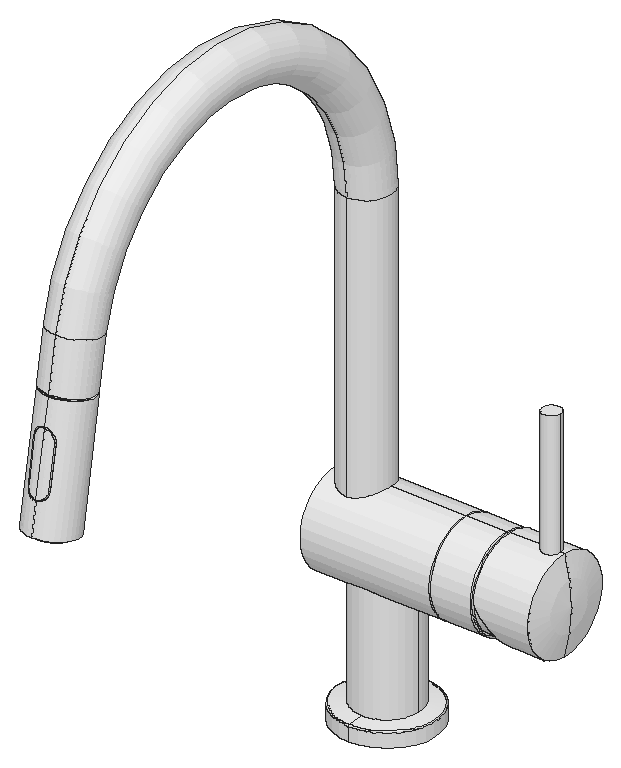
Revit family "Faucet-Kitchen-Grohe-Minta_Touch-31359_Series", category Plumbing Fixtures, Revit 2014
Parameters (values of type "31359002")
  cUPC Compliant = yes
  Width = 1 5/16"  # constant formula
  Waste Connection = no
  Warranty Documentation Link = "https://cdn.cloud.grohe.com/tpi/1000/1900/1940/1949/1949006/original/1949006.pdf"
  WFU = 0  # constant formula
  Vent Connection = no
  URL = "http://www.grohe.com/ca-en/"
  Product Page URL = "https://www.grohe.us/en_us/grohe-minta-touch-touch-single-handle-kitchen-faucet-31359002.html"
  Price = "Prices may vary. Please consult Manufacturer Representative for most up-to-date price list."  # constant formula
  Model = "31359002"
  Material = "Metal-Grohe-002-Stralight Chrome"
  Manufacturer = "Grohe"  # constant formula
  Length = 8 3/4"  # constant formula
  Lenght Of handle = 5 3/8"  # constant formula
  Installation Type = "Deck-Mounted"  # constant formula
  Hot Water Connection Diameter = 3/8"  # constant formula
  Height = 15 1/8"  # constant formula
  HWFU = 1.5  # constant formula
  HW Connection = yes
  Flow Rate = "1.75 gpm (6.6 L/min)"  # constant formula
  Finish = Metal-Grohe-002-Stralight Chrome
  Description = "MINTA TOUCH Touch Single-Handle Kitchen Faucet Stralight Chrome"
  Default Elevation = 0"
  Creation Date = "2/25/2019"  # constant formula
  Cold Water Connection Diameter = 3/8"  # constant formula
  CalGreen Compliant = yes
  CWFU = 1.5  # constant formula
  CW Connection = yes
  Bottom of sink to water flowout = 7 7/16"  # constant formula
  Assembly Code = "D2020300"
  ADA Compliant = yes
Types (3): name | Product Page URL | Model | Material | Finish | Description
  (no name) | "https://www.grohe.us/en_us/grohe-minta-touch-touch-single-handle-kitchen-faucet-31359002.html" | "31359002" | "Metal-Grohe-002-Stralight Chrome" | Metal-Grohe-002-Stralight Chrome | "MINTA TOUCH Touch Single-Handle Kitchen Faucet Stralight Chrome"
  31359002 | "https://www.grohe.us/en_us/grohe-minta-touch-touch-single-handle-kitchen-faucet-31359002.html" | "31359002" | "Metal-Grohe-002-Stralight Chrome" | Metal-Grohe-002-Stralight Chrome | "MINTA TOUCH Touch Single-Handle Kitchen Faucet Stralight Chrome"
  31359DC2 | "https://www.grohe.us/en_us/grohe-minta-touch-touch-single-handle-kitchen-faucet-31359DC2.html" | "31359DC2" | "Metal-Grohe-DC2-SuperSteel InfinityFinish" | Metal-Grohe-DC2-SuperSteel InfinityFinish | "MINTA TOUCH Touch Single-Handle Kitchen Faucet SuperSteel InfinityFinish"
Reference planes (in)
  plane 1 "Center (Front/Back)": y = 0
  plane 2: z = 0
  plane 3 "Center (Left/Right)": x = 0
  plane 4: y = 0.65625
  plane 5: y = -0.65625
  plane 6: y = 0.70866
  plane 7: y = -0.70866
  plane 8: y = 0.55118
  plane 9: y = -0.55118
  plane 10: x = -0.25
  plane 11: y = -8.75
  plane 12: z = 15.125
  plane 13: z = 7.4375
  plane 14 "Flowout center": through (0, -8.56366, 8.66968) normal (0, -0.9848, 0.1736)
  plane 15: x = -1.25
  plane 16: x = 4.125
Forms (in)
  Revolve 1, solid, material "Metal-Grohe-002-Stralight Chrome" <- "Finish"
    sketch origin (0, 0, 0) x (0, 1, 0) y (0, 0, 1)
      loop
        line (0, 0.37402) -> (0, 0) -> (1.06299, 0) -> (1.06299, 0.30618)
        arc (1.06299, 0.30618) -> (1.05723, 0.32199) -> (1.04266, 0.33037) r 0.02455
        arc (1.04266, 0.33037) -> (0.87613, 0.35577) -> (0.70866, 0.37402) r 3.93701
        line (0.70866, 0.37402) -> (0, 0.37402)
      axis (0, 0.37402) -> (0, 0)
    angle from 0 to 360
  Extrusion 2, solid, material "Metal-Grohe-002-Stralight Chrome" <- "Finish"
    sketch origin (0, 0, 0) x (1, 0, 0) y (0, 1, 0)
      loop
        circle (0, 0) r 0.70866
    from 0 to 3.83661
  Sweep 3, solid, material "Metal-Grohe-002-Stralight Chrome" <- "Finish"
    path origin (0, 0, 0) x (0, 1, 0) y (0, 0, 1)
      loop
        line (0, 3) -> (0, 10.50533)
        arc (0, 10.50533) -> (-3.73743, 14.58402) -> (-8.12634, 11.21629) r 4.09427
        line (-8.12634, 11.21629) -> (-8.78878, 7.45941)
    profile origin (0, 0, 6.75266) x (0, -1, 0) y (1, 0, 0)
      loop
        circle (0, -0.46875) r 0.55118
  Revolve 4, solid, material "Metal-Grohe-002-Stralight Chrome" <- "Finish"
    sketch origin (0, 0, 0) x (1, 0, 0) y (0, 0, 1)
      loop
        arc (-1.24991, 3.66171) -> (-1.21832, 3.14946) -> (-1.12036, 2.64567) r 3.93701
        line (-1.12036, 2.64567) -> (1.75436, 2.64567) -> (1.75436, 2.68) -> (1.7874, 2.68) -> (1.7874, 2.64584) -> (2.66508, 2.6535)
        arc (2.66508, 2.6535) -> (2.6792, 2.65946) -> (2.68504, 2.67363) r 0.02013
        line (2.68504, 2.67363) -> (2.68504, 2.71449)
        arc (2.68504, 2.71449) -> (2.97373, 2.83844) -> (3.20866, 3.04704) r 0.98425
        line (3.20866, 3.04704) -> (3.20866, 3.66171) -> (-1.24991, 3.66171)
      axis (-1.24991, 3.66171) -> (3.20866, 3.66171)
    angle from 0 to 360
  Extrusion 5, void
    sketch origin (-0.01563, 0, 0) x (1, 0, 0) y (0, 0, 1)
      loop
        line (2.76851, 3.7185) -> (2.76851, 2.54317) -> (3.44709, 2.54317) -> (2.76851, 3.7185)
    from -1.26228 to 1.24003
  Extrusion 6, solid, material "Metal-Grohe-002-Stralight Chrome" <- "Finish"
    sketch origin (-0.01563, 0, 0) x (1, 0, 0) y (0, 1, 0)
      loop
        circle (3.68905, 0) r 0.19669
    from 4.15565 to 7.44844
  Revolve 7, solid, material "Metal-Grohe-002-Stralight Chrome" <- "Finish"
    sketch origin (-0.01563, 0, 0) x (1, 0, 0) y (0, 0, 1)
      loop
        line (3.9862, 4.69275) -> (2.76851, 4.69275) -> (2.76851, 3.66395) -> (4.13856, 3.66395)
        arc (4.13856, 3.66395) -> (4.0965, 4.1834) -> (3.9862, 4.69275) r 3.93701
      axis (4.13856, 3.66395) -> (2.76851, 3.66395)
    angle from 0 to 360
  Extrusion 8, solid, material "Metal-Grohe-002-Stralight Chrome" <- "Finish"
    sketch origin (0, 0, 0) x (1, 0, 0) y (0, 1, 0)
      loop
        circle (-0.34726, 0) r 0.1875
      loop
        circle (0.34726, 0) r 0.1875
    from 0 to 0.80614
  Extrusion 9, void
    sketch origin (-0.21875, -10.20744, -0.60148) x (1, 0, 0) y (0, 0.984808, -0.173648)
      loop
        circle (-0.25, 0) r 0.62613
      loop
        circle (-0.25, 0) r 0.5
    from 10.83694 to 10.88418
  Revolve 10, solid, material "Metal-Grohe-002-Stralight Chrome" <- "Finish"
    sketch origin (-0.46417, -0.03906, 0.01562) x (0, 1, 0) y (0, 0, 1)
      loop
        line (-8.73983, 7.48792) -> (-8.76019, 7.37242) -> (-8.41227, 7.31108)
        arc (-8.41227, 7.31108) -> (-8.36103, 7.31104) -> (-8.3218, 7.34401) r 0.07477
        line (-8.3218, 7.34401) -> (-8.30979, 7.4121) -> (-8.73983, 7.48792)
      axis (-8.73983, 7.48792) -> (-8.76019, 7.37242)
    angle from 0 to 360
  Extrusion 11, void
    sketch origin (-0.46875, -9.78803, 1.72589) x (0, 0.173648, 0.984808) y (-1, 0, 0)
      loop
        arc (7.65648, -0.25) -> (7.90648, 0) -> (7.65648, 0.25) r 0.25
        line (7.65648, 0.25) -> (6.74895, 0.25)
        arc (6.74895, 0.25) -> (6.49895, 0) -> (6.74895, -0.25) r 0.25
        line (6.74895, -0.25) -> (7.65648, -0.25)
      loop
        arc (7.65648, -0.21875) -> (7.87523, 0) -> (7.65648, 0.21875) r 0.21875
        line (7.65648, 0.21875) -> (6.74895, 0.21875)
        arc (6.74895, 0.21875) -> (6.5302, 0) -> (6.74895, -0.21875) r 0.21875
        line (6.74895, -0.21875) -> (7.65648, -0.21875)
    from 0.48933 to 0.5892
Cuts and joins
  Extrusion 5 cuts Revolve 1
  Extrusion 5 cuts Extrusion 2
  Extrusion 5, Extrusion 9, Extrusion 11 cuts Sweep 3
  Extrusion 5 cuts Revolve 7
  joined: Revolve 1, Extrusion 2, Sweep 3, Revolve 4, Extrusion 6, Revolve 7, Extrusion 8
Lines and regions (in)
  Masking region 1
    outline origin (0, 0, 0) x (1, 0, 0) y (0, 1, 0)
      loop
        arc (-1.11679, 1.01605) -> (-1.25822, 0) -> (-1.11679, -1.01605) r 3.72039
        line (-1.11679, -1.01605) -> (-1.02294, -1.01605) -> (-1.02294, -8.7742)
        arc (-1.02294, -8.7742) -> (-0.47176, -9.32538) -> (0.07943, -8.7742) r 0.55119
        line (0.07943, -8.7742) -> (0.07943, -1.01605) -> (1.75436, -1.01605) -> (1.75436, -0.98171) -> (1.7874, -0.98171) -> (1.7874, -1.01587) -> (2.68618, -1.01587) -> (2.68618, -0.95078) -> (2.75289, -0.92629) -> (2.75289, -1.02884) -> (3.97081, -1.02884)
        arc (3.97081, -1.02884) -> (4.11751, -0.00007) -> (3.9716, 1.02882) r 3.69061
        line (3.9716, 1.02882) -> (2.75289, 1.02882) -> (2.75289, 0.92629) -> (2.68618, 0.95078) -> (2.68618, 1.01587) -> (1.7874, 1.01587) -> (1.7874, 0.98171) -> (1.75436, 0.98171) -> (1.75436, 1.01605) -> (-1.11679, 1.01605)
  symbolic lines, detail levels medium+fine
    curve 1: line (-1.02294, -1.01605, 0) -> (-1.02294, 0, 0)
    curve 2: line (0.07943, -1.01605, 0) -> (0.07943, 0, 0)
    curve 3: arc (0.07943, 0, 0) -> (-0.47176, 0.55119, 0) -> (-1.02294, 0, 0) r 0.55119
    curve 4: circle (3.67343, 0, 0) r 0.19669 normal (0, 0, 1)
    curve 8: line (2.75289, 0.92629, 0) -> (2.75289, -0.92589, 0)
  symbolic lines, detail levels fine
    curve 5: line (1.75436, 0.98171, 0) -> (1.75436, -0.98171, 0)
    curve 6: line (1.7874, 0.98171, 0) -> (1.7874, -0.98171, 0)
    curve 7: line (2.68618, -0.95078, 0) -> (2.68618, 0.95078, 0)
    curve 9: line (3.97057, -1.02879, 0) -> (3.97057, 1.02879, 0)
    curve 10: line (-1.11679, -1.01605, 0) -> (-1.11679, 1.01605, 0)
    curve 11: arc (-1.01993, -8.31839, 0) -> (-0.46875, -8.86958, 0) -> (0.08244, -8.31839, 0) r 0.55119
    curve 12: line (-0.6875, -8.9681, 0) -> (-0.6875, -9.12569, 0)
    curve 13: line (-0.6875, -9.12569, 0) -> (-0.46875, -9.20826, 0)
    curve 14: line (-0.46875, -8.97469, 0) -> (-0.6875, -8.9681, 0)
    curve 15: line (-0.25, -8.9681, 0) -> (-0.25, -9.12569, 0)
    curve 16: line (-0.25, -9.12569, 0) -> (-0.46875, -9.20826, 0)
    curve 17: line (-0.46875, -8.97469, 0) -> (-0.25, -8.9681, 0)
    curve 18: line (-0.71875, -8.95363, 0) -> (-0.46875, -8.96927, 0)
    curve 19: line (-0.46875, -8.96927, 0) -> (-0.21875, -8.95363, 0)
    curve 20: line (-0.46875, -9.21368, 0) -> (-0.71875, -9.11123, 0)
    curve 21: line (-0.21875, -9.11122, 0) -> (-0.46875, -9.21368, 0)
    curve 22: line (-0.21875, -8.95363, 0) -> (-0.21875, -9.11122, 0)
    curve 23: line (-0.71875, -8.95363, 0) -> (-0.71875, -9.11123, 0)
Dimensions and locks (in)
  equal spacing: plane 4, plane 1 "Center (Front/Back)", plane 5
  "Width": plane 4 to plane 5
  "Length": plane 1 "Center (Front/Back)" to plane 11
  "Height": plane 12 to level
  "Bottom of sink to water flowout": plane 13 to level
  locked: plane 3 "Center (Left/Right)" to plane 15 at 1.25
  "Lenght Of handle": plane 16 to plane 15
  "Hot Water Connection Diameter": diameter of Extrusion 8 sketch curve
  "Cold Water Connection Diameter": diameter of Extrusion 8 sketch curve
  locked: plane 11 to plane 14 "Flowout center" (angle 10.00°)
  aligned and locked: curve 8 to cut or joined group of Revolve 1, Extrusion 2, Sweep 3, Revolve 4, Extrusion 5, Extrusion 6, Revolve 7, Extrusion 8, Extrusion 9, Extrusion 11
Automatic sketch dimensions
  Revolve 1 sketch curve to plane 1 "Center (Front/Back)" = 0"  (x2)
  Revolve 1 sketch curve to plane 6 = 0"
  Revolve 1 sketch curve to level = 0"
  Revolve 1 sketch curve to plane 8 = 0.18515"
  Revolve 1 sketch curve to plane 6 = 0.32978"
  Revolve 1 sketch curve to Revolve 1 sketch curve = 0.02455"
  Revolve 1 sketch curve to level = 3.54805"
  level to Revolve 1 sketch curve = 0.30618"
  level to Revolve 1 sketch curve = 0.37402"
  Revolve 1 sketch curve to Revolve 1 sketch curve = 0.28195"
  Revolve 1 sketch curve to Revolve 1 sketch curve = 0.07048"
  plane 1 "Center (Front/Back)" to Extrusion 2 sketch curve = 0"
  Extrusion 2 sketch curve to plane 3 "Center (Left/Right)" = 0"
  Sweep 3 sketch curve to profile plane = 0"
  Sweep 3 sketch curve to plane 3 "Center (Left/Right)" = 15/32"
  plane 3 "Center (Left/Right)" to Extrusion 5 sketch curve = 2.75289"
  Extrusion 5 sketch curve to Extrusion 5 sketch curve = 0.67858"
  level to Extrusion 5 sketch curve = 2.54317"
  Extrusion 5 sketch curve to Extrusion 5 sketch curve = 1.17533"
  plane 1 "Center (Front/Back)" to Extrusion 6 sketch curve = 0"
  plane 3 "Center (Left/Right)" to Extrusion 6 sketch curve = 3.67343"
  plane 3 "Center (Left/Right)" to Revolve 7 sketch curve = 0.18635"
  plane 3 "Center (Left/Right)" to Revolve 7 sketch curve = 2.75289"
  Revolve 7 sketch curve to Revolve 7 sketch curve = 1.21769"
  Revolve 7 sketch curve to Revolve 7 sketch curve = 0.15237"
  level to Revolve 7 sketch curve = 3.60661"
  Revolve 7 sketch curve to Revolve 7 sketch curve = 0.05734"
  Revolve 7 sketch curve to Revolve 7 sketch curve = 0.3676"
  Revolve 7 sketch curve to Revolve 7 sketch curve = 0.1324"
  Revolve 7 sketch curve to Revolve 7 sketch curve = 0"
  plane 1 "Center (Front/Back)" to Extrusion 8 sketch curve = 0"  (x2)
  plane 10 to Extrusion 8 sketch curve = 0.09727"
  plane 3 "Center (Left/Right)" to Extrusion 8 sketch curve = 0.34726"
  Extrusion 9 sketch curve to Extrusion 9 sketch curve = 0"  (x2)
  plane 10 to Extrusion 9 sketch curve = 7/32"
  plane 14 "Flowout center" to Extrusion 9 sketch curve = 0.00889"
  plane 11 to Revolve 10 sketch curve = 0.04926"
  plane 11 to Revolve 10 sketch curve = 0.02889"
  Revolve 10 sketch curve to plane 13 = 0.1108"
  Revolve 10 sketch curve to plane 11 = 0.29866"
  Revolve 10 sketch curve to plane 13 = 0.04057"
  Revolve 10 sketch curve to Revolve 10 sketch curve = 0.02567"
  Revolve 10 sketch curve to plane 13 = 0.07787"
  Revolve 10 sketch curve to plane 13 = 0.00978"
  Revolve 10 sketch curve to Revolve 10 sketch curve = 0"  (x2)
  plane 11 to Revolve 10 sketch curve = 0.03678"
  plane 13 to Revolve 10 sketch curve = 0.02132"
  plane 15 to Revolve 4 sketch curve = 0.00009"
  plane 15 to Revolve 4 sketch curve = 0.12964"
  plane 3 "Center (Left/Right)" to Revolve 4 sketch curve = 1.75436"
  Revolve 4 sketch curve to Revolve 4 sketch curve = 0.03304"
  Revolve 4 sketch curve to Revolve 4 sketch curve = 0.65866"
  Revolve 4 sketch curve to Revolve 4 sketch curve = 0.87751"
  Revolve 4 sketch curve to Revolve 4 sketch curve = 0.00018"
  Revolve 4 sketch curve to Revolve 4 sketch curve = 0.02013"
  Revolve 4 sketch curve to Revolve 4 sketch curve = 0.24101"
  Revolve 4 sketch curve to Revolve 4 sketch curve = 0.52159"
  level to Revolve 4 sketch curve = 2.64567"
  Revolve 4 sketch curve to Revolve 4 sketch curve = 0.00017"
  Revolve 4 sketch curve to Revolve 4 sketch curve = 0.00766"
  Revolve 4 sketch curve to Revolve 4 sketch curve = 0.03416"
  Revolve 4 sketch curve to Revolve 4 sketch curve = 0.04086"
  Revolve 4 sketch curve to Revolve 4 sketch curve = 0.33255"
  Revolve 4 sketch curve to Revolve 4 sketch curve = 0.02187"
  Revolve 4 sketch curve to plane 15 = 0.75293"
  Revolve 4 sketch curve to Revolve 4 sketch curve = 0.4168"
  Revolve 4 sketch curve to Revolve 4 sketch curve = 0"
  Sweep 3 sketch curve to plane 1 "Center (Front/Back)" = 0"
  plane 13 to Sweep 3 sketch curve = 3.06783"
  Sweep 3 sketch curve to plane 7 = 3.38561"
  Sweep 3 sketch curve to plane 11 = 0.62366"
  plane 13 to Sweep 3 sketch curve = 0.02191"
  plane 11 to Sweep 3 sketch curve = 0.03878"
  level to Sweep 3 sketch curve = 3"
  Extrusion 11 sketch curve to plane 3 "Center (Left/Right)" = 15/32"
  Extrusion 11 sketch curve to Extrusion 11 sketch curve = 0.90753"
  plane 10 to Extrusion 11 sketch curve = 15/32"
  Extrusion 11 sketch curve to Extrusion 11 sketch curve = 0"  (x5)
  Extrusion 11 sketch curve to Extrusion 11 sketch curve = 1/32"
  plane 1 "Center (Front/Back)" to curve 1 = 0"
  curve 14 to plane 3 "Center (Left/Right)" = 15/32"
  curve 13 to plane 3 "Center (Left/Right)" = 15/32"
  plane 1 "Center (Front/Back)" to curve 4 = 0"
  curve 20 to plane 3 "Center (Left/Right)" = 15/32"
  curve 18 to plane 3 "Center (Left/Right)" = 15/32"
  plane 10 to curve 12 = 7/16"
  plane 10 to curve 1 = 0.77295"
  curve 3 to plane 3 "Center (Left/Right)" = 0.47176"
  curve 11 to plane 3 "Center (Left/Right)" = 15/32"
  curve 15 to plane 3 "Center (Left/Right)" = 1/4"
  curve 15 to curve 19 = 1/32"
  curve 4 to plane 16 = 0.45157"
  curve 11 to plane 11 = 0.43161"
  plane 11 to curve 19 = 0.20363"
  plane 11 to curve 12 = 0.2181"
  curve 17 to curve 19 = 0.01447"
  curve 18 to curve 12 = 0.00117"
  curve 17 to curve 18 = 0.00543"
  curve 22 to curve 15 = 0.14312"
  curve 16 to curve 21 = 0.01447"
  curve 13 to curve 12 = 0.15759"
  curve 16 to curve 14 = 0.23356"
  curve 21 to curve 13 = 0.00542"
  plane 10 to curve 18 = 15/32"
  plane 10 to curve 11 = 0.76994"
  plane 15 to curve 10 = 0.13321"
  curve 5 to plane 6 = 0.27305"
  curve 5 to curve 8 = 0.99852"
  curve 5 to curve 6 = 0.03304"
  curve 7 to curve 8 = 0.06671"
  curve 9 to plane 16 = 0.15443"
  curve 8 to plane 7 = 0.21723"
  curve 7 to curve 8 = 0.02489"
  curve 5 to plane 7 = 0.27305"
  curve 5 to curve 6 = 0"  (x2)
  curve 1 to plane 7 = 0.30738"
  curve 10 to plane 7 = 0.30738"
  curve 2 to plane 7 = 0.30738"
  curve 9 to plane 7 = 0.32013"
  curve 12 to curve 18 = 0.01447"
  curve 12 to curve 23 = 0.01447"
  curve 8 to plane 6 = 0.21763"
  curve 8 to curve 7 = 0.02449"
  curve 10 to plane 6 = 0.30738"
  curve 9 to plane 6 = 0.32013"
  plane 1 "Center (Front/Back)" to Masking region 1 sketch curve = 0"
  plane 15 to Masking region 1 sketch curve = 0.13321"  (x2)
  Masking region 1 sketch curve to Masking region 1 sketch curve = 0.09385"
  plane 11 to Masking region 1 sketch curve = 0.0242"
  plane 10 to Masking region 1 sketch curve = 0.22176"
  Masking region 1 sketch curve to plane 1 "Center (Front/Back)" = 0.00135"
  plane 3 "Center (Left/Right)" to Masking region 1 sketch curve = 0.4269"
  Masking region 1 sketch curve to plane 7 = 0.27305"
  Masking region 1 sketch curve to Masking region 1 sketch curve = 1.32746"  (x2)
  Masking region 1 sketch curve to plane 6 = 0.27305"
  Masking region 1 sketch curve to Masking region 1 sketch curve = 0.03304"  (x2)
  Masking region 1 sketch curve to Masking region 1 sketch curve = 0.67477"
  Masking region 1 sketch curve to plane 6 = 0.24212"
  Masking region 1 sketch curve to Masking region 1 sketch curve = 0.89878"  (x2)
  Masking region 1 sketch curve to plane 7 = 0.30721"
  Masking region 1 sketch curve to Masking region 1 sketch curve = 0.06671"  (x2)
  Masking region 1 sketch curve to plane 6 = 0.21763"
  Masking region 1 sketch curve to plane 16 = 0.15419"
  Masking region 1 sketch curve to plane 16 = 0.1534"
  Masking region 1 sketch curve to Masking region 1 sketch curve = 0.01297"
  Masking region 1 sketch curve to plane 7 = 0.30738"  (x2)
  Masking region 1 sketch curve to Masking region 1 sketch curve = 0.06509"  (x2)
  Masking region 1 sketch curve to Masking region 1 sketch curve = 0.02449"
  radius of Extrusion 2 sketch curve = 0.70866"
  radius of Sweep 3 sketch curve = 0.55118"
  radius of Extrusion 6 sketch curve = 0.19669"
  radius of Extrusion 9 sketch curve = 0.62613"
  radius of Extrusion 9 sketch curve = 1/2"
  radius of curve 4 = 0.19669"
Connectors (in)
  piping at (-0.34726, 0, 0), diameter 0.375, driven by "HWFU", driven by "Hot Water Connection Diameter"
    settings: on Extrusion 8, index 1, connector inside diameter 24", connector length 0", flow factor 0, pipe flow 0 GPM, pressure drop 0.00 psi, fitting loss kfactor 0, connector angle 0.00°, fixture units 1.5, engagement length 0", angle of deflection 0.00°, flow configuration 3, flow direction 1, fitting loss method 0, system type 19, joint type 0, gender type 0, connector reference index -1, connector utility 0, adjustable connector no, is connector primary yes, connector description "3/8\" HW Inlet"
  piping at (0.34726, 0, 0), diameter 0.375, driven by "CWFU", driven by "Cold Water Connection Diameter"
    settings: on Extrusion 8, index 2, connector inside diameter 24", connector length 0", flow factor 0, pipe flow 0 GPM, pressure drop 0.00 psi, fitting loss kfactor 0, connector angle 0.00°, fixture units 1.5, engagement length 0", angle of deflection 0.00°, flow configuration 3, flow direction 1, fitting loss method 0, system type 20, joint type 0, gender type 0, connector reference index -1, connector utility 0, adjustable connector no, is connector primary no, connector description "3/8\" CW Inlet"
